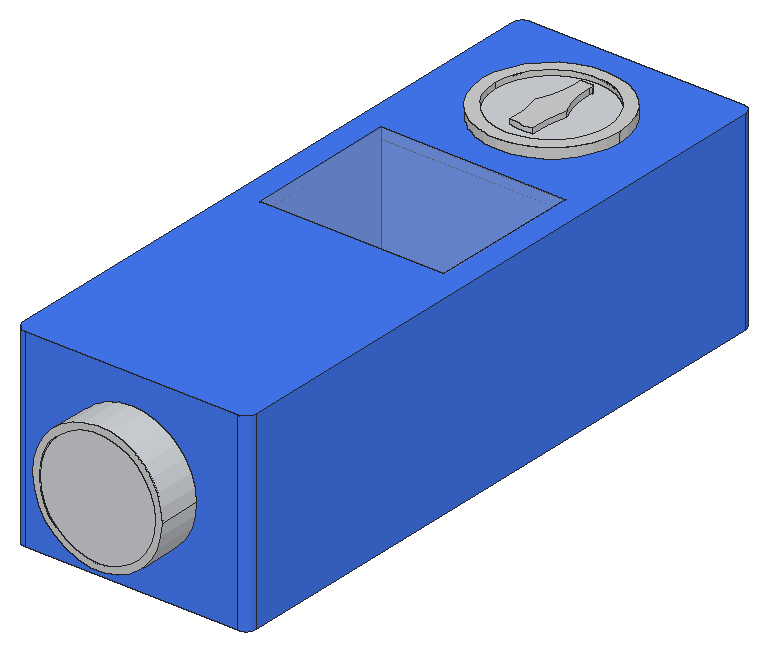
Revit family "Building-IEC309Connections-GEWISS-66IB-INTERLOCKED-SOCKET-OUTLETS-HD_IP66_WITHOUT_BOTTOM_MOD", category Apparecchi elettrici, host Superficie, Revit 2019
Family settings
  Host = Superficie
  Mantenere orientamento annotazione = Sì
  Quota connettore circolare = Usa diametro
  Tipo di parte = Normale
  Taglio con vuoti quando caricato = Sì
  Condiviso = Sì
  Punto di calcolo locali = Sì
Parameters (values of type "GW66846 - I.SOCKET IP66 N.B.3P+E 32A 380V 3H M.D")
  volt = 0 V
  vetro = Default - Vetro
  presa = Grigio RAL - 7035
  n-poli = 1
  giallo = 0 mm
  dist_piano [instance] = 0 mm
  Working temperature = "-25 ÷ +40 °C"
  With back-mounting box = "No"
  Vista_2d_pianta [instance] = yes
  Version file RFA = "21.4"
  URL = "https://www.gewiss.com/ww/en"
  Typology = "Vertical"
  Type of use = "Heavy duty"
  Thermo-pressure with ball = "80 °C"
  Technical sheet = "https://www.gewiss.com/ww/en/search?q=GW66846"
  Struttura = Grigio RAL - 7035
  Simbolo presa = PRESAINDSTAGNA : 3P
  Simbolo [instance] = no
  Simb_circuito [instance] = not(Simbolo)  # yes
  Shock resistance = "> IK10"
  SEO = "Socket outlet"
  Reference h = "3"
  Realized by GEWISS S.p.A. = ""
  Rated voltage = "380-440V"
  Rated frequency (Hz) = "50/60 Hz"
  Rated current (In) = "32"
  Rated current (A) = "32"
  Protection = "Suitable for modular apps. (6M)"
  Default Elevation = 1219.2 mm
  Produttore = "GEWISS S.p.A."
  Operating temperature: = "-25 +40 °C"
  Number of poles = "3P+E"
  No. of poles = "3P+E"
  Modello = "GW66846"
  Impact resistance at -20 Â°C = "20J"
  Immagine tipo = O.jpg
  IP degree = "IP66"
  IDT = "b1e88bf2-d9e0-4d22-9355-672d9a796eac"
  IDF = "b704cc15-e102-4c45-bcfd-51753296ccfc"
  Glow wire test: = "850 °C"
  Glow Wire Test = "850 °C"
  Frequency = "50/60 Hz"
  Electrocod = "2222"
  EAN code = "8011564066885"
  Distanza x [instance] = 500 mm
  Distanza orizzontale simbolo [instance] = 0 mm
  Distanza effettiva x [instance] = 1500 mm - Distanza x  # 1000 mm
  Descrizione = "I.SOCKET IP66 N.B.3P+E 32A 380V 3H M.D"
  Corpo presa = Light Blue
  Cornice simbolo [instance] = yes
  Colour: = "Red"
  Colour = "Red"
  Catalogue Range = "66 IB"
  Catalogue = "BUILDING"
  COBie.Tagnumber = ""
  COBie.CreatedOn = ""
  COBie.CreatebBy = ""
  COBie.ComponentRegisterItemID = ""
  COBie.Component.TagNumber = ""
  COBie.Component.Space = ""
  COBie.Component.SerialNumber = ""
  COBie.Component.InstallationDate = ""
  COBie.Component.Description = ""
  COBie.Component.BarCode = ""
Types (23, lengths in mm): name | Technical sheet | Reference h | Rated voltage | Rated current (In) | Rated current (A) | Number of poles | No. of poles | Modello | IDT | EAN code | Descrizione | Colour: | Colour
  GW66824 - I.SOCKET IP66 N.B.2P+E 16A 110V 4H M.D | "https://www.gewiss.com/ww/en/search?q=GW66824" | "4" | "100-130V" | "16" | "16" | "2P+E" | "2P+E" | "GW66824" | "20eb77f8-4248-4d95-bfca-ce8d5e2aec28" | "8011564066410" | "I.SOCKET IP66 N.B.2P+E 16A 110V 4H M.D" | "Yellow" | "Yellow"
  GW66825 - I.SOCKET IP66 N.B.3P+E 16A 110V 4H M.D | "https://www.gewiss.com/ww/en/search?q=GW66825" | "4" | "100-130V" | "16" | "16" | "3P+E" | "3P+E" | "GW66825" | "fdccb483-7cbf-46be-b43b-3faa35533ec2" | "8011564066434" | "I.SOCKET IP66 N.B.3P+E 16A 110V 4H M.D" | "Yellow" | "Yellow"
  GW66826 - I.SOCKET IP66 N.B.3P+N+E 16A 110V 4H M.D | "https://www.gewiss.com/ww/en/search?q=GW66826" | "4" | "100-130V" | "16" | "16" | "3P+N+E" | "3P+N+E" | "GW66826" | "cb8df13d-37ee-4447-b8a8-08e51bfaeab0" | "8011564066458" | "I.SOCKET IP66 N.B.3P+N+E 16A 110V 4H M.D" | "Yellow" | "Yellow"
  GW66827 - I.SOCKET IP66 N.B.2P+E 16A 230V 6H M.D | "https://www.gewiss.com/ww/en/search?q=GW66827" | "6" | "200-250V" | "16" | "16" | "2P+E" | "2P+E" | "GW66827" | "72222080-08f8-4fb9-92b8-9283e735ff57" | "8011564066472" | "I.SOCKET IP66 N.B.2P+E 16A 230V 6H M.D" | "Blue" | "Blue"
  GW66828 - I.SOCKET IP66 N.B.3P+E 16A 230V 9H M.D | "https://www.gewiss.com/ww/en/search?q=GW66828" | "9" | "200-250V" | "16" | "16" | "3P+E" | "3P+E" | "GW66828" | "9f284fe5-75e3-413e-9d18-4e767b556c35" | "8011564066496" | "I.SOCKET IP66 N.B.3P+E 16A 230V 9H M.D" | "Blue" | "Blue"
  GW66829 - I.SOCKET IP66 N.B.3P+N+E 16A 230V 9H M.D | "https://www.gewiss.com/ww/en/search?q=GW66829" | "9" | "200-250V" | "16" | "16" | "3P+N+E" | "3P+N+E" | "GW66829" | "ab790618-aa41-466b-82ab-d52cd2c313e7" | "8011564066502" | "I.SOCKET IP66 N.B.3P+N+E 16A 230V 9H M.D" | "Blue" | "Blue"
  GW66830 - I.SOCKET IP66 N.B.2P+E 16A 400V 9H M.D | "https://www.gewiss.com/ww/en/search?q=GW66830" | "9" | "380-415V" | "16" | "16" | "2P+E" | "2P+E" | "GW66830" | "ffdd874b-c321-416d-ac59-ed100a0414d9" | "8011564066526" | "I.SOCKET IP66 N.B.2P+E 16A 400V 9H M.D" | "Red" | "Red"
  GW66831 - I.SOCKET IP66 N.B.3P+E 16A 400V 6H M.D | "https://www.gewiss.com/ww/en/search?q=GW66831" | "6" | "380-415V" | "16" | "16" | "3P+E" | "3P+E" | "GW66831" | "297c411b-a0f8-477d-bb74-8b6eb825cdf6" | "8011564066540" | "I.SOCKET IP66 N.B.3P+E 16A 400V 6H M.D" | "Red" | "Red"
  GW66832 - I.SOCKET IP66 N.B.3P+N+E 16A 400V 6H M.D | "https://www.gewiss.com/ww/en/search?q=GW66832" | "6" | "380-415V" | "16" | "16" | "3P+N+E" | "3P+N+E" | "GW66832" | "8cd1f61f-eff6-4ed5-bc8b-e5c870e0e18c" | "8011564066564" | "I.SOCKET IP66 N.B.3P+N+E 16A 400V 6H M.D" | "Red" | "Red"
  GW66833 - I.SOCKET IP66 N.B.3P+E 16A 500V 7H M.D | "https://www.gewiss.com/ww/en/search?q=GW66833" | "7" | "480-500V" | "16" | "16" | "3P+E" | "3P+E" | "GW66833" | "333981c8-1801-4dc1-894e-bfc7a2cd9881" | "8011564066571" | "I.SOCKET IP66 N.B.3P+E 16A 500V 7H M.D" | "Black" | "Black"
  GW66834 - I.SOCKET IP66 N.B.3P+N+E 16A 500V 7H M.D | "https://www.gewiss.com/ww/en/search?q=GW66834" | "7" | "480-500V" | "16" | "16" | "3P+N+E" | "3P+N+E" | "GW66834" | "b7952236-fd9c-4338-ac82-6266ef3ce7df" | "8011564066595" | "I.SOCKET IP66 N.B.3P+N+E 16A 500V 7H M.D" | "Black" | "Black"
  GW66835 - I.SOCKET IP66 N.B.2P+E 32A 110V 4H M.D | "https://www.gewiss.com/ww/en/search?q=GW66835" | "4" | "100-130V" | "32" | "32" | "2P+E" | "2P+E" | "GW66835" | "c34e1178-b522-421a-ac53-01442ce4dc95" | "8011564066656" | "I.SOCKET IP66 N.B.2P+E 32A 110V 4H M.D" | "Yellow" | "Yellow"
  GW66836 - I.SOCKET IP66 N.B.3P+E 32A 110V 4H M.D | "https://www.gewiss.com/ww/en/search?q=GW66836" | "4" | "100-130V" | "32" | "32" | "3P+E" | "3P+E" | "GW66836" | "2dd5c171-f2e1-4879-a587-9eacbb751f92" | "8011564066670" | "I.SOCKET IP66 N.B.3P+E 32A 110V 4H M.D" | "Yellow" | "Yellow"
  GW66837 - I.SOCKET IP66 N.B.3P+N+E 32A 110V 4H M.D | "https://www.gewiss.com/ww/en/search?q=GW66837" | "4" | "100-130V" | "32" | "32" | "3P+N+E" | "3P+N+E" | "GW66837" | "1cdf97b4-150b-46a1-aaf7-5864b9942503" | "8011564066694" | "I.SOCKET IP66 N.B.3P+N+E 32A 110V 4H M.D" | "Yellow" | "Yellow"
  GW66838 - I.SOCKET IP66 N.B.2P+E 32A 230V 6H M.D | "https://www.gewiss.com/ww/en/search?q=GW66838" | "6" | "200-250V" | "32" | "32" | "2P+E" | "2P+E" | "GW66838" | "4d3275da-9033-4b12-b678-f7a6df63da63" | "8011564066700" | "I.SOCKET IP66 N.B.2P+E 32A 230V 6H M.D" | "Blue" | "Blue"
  GW66839 - I.SOCKET IP66 N.B.3P+E 32A 230V 9H M.D | "https://www.gewiss.com/ww/en/search?q=GW66839" | "9" | "200-250V" | "32" | "32" | "3P+E" | "3P+E" | "GW66839" | "3f230389-3816-45c9-b8c6-ab6263b4c8d7" | "8011564066724" | "I.SOCKET IP66 N.B.3P+E 32A 230V 9H M.D" | "Blue" | "Blue"
  GW66840 - I.SOCKET IP66 N.B.3P+N+E 32A 230V 9H M.D | "https://www.gewiss.com/ww/en/search?q=GW66840" | "9" | "200-250V" | "32" | "32" | "3P+N+E" | "3P+N+E" | "GW66840" | "25dd4e21-96b4-46e2-b418-539e53d79e61" | "8011564066748" | "I.SOCKET IP66 N.B.3P+N+E 32A 230V 9H M.D" | "Blue" | "Blue"
  GW66841 - I.SOCKET IP66 N.B.2P+E 32A 400V 9H M.D | "https://www.gewiss.com/ww/en/search?q=GW66841" | "9" | "380-415V" | "32" | "32" | "2P+E" | "2P+E" | "GW66841" | "65129d75-b882-47fb-bd91-e6338b089d86" | "8011564066762" | "I.SOCKET IP66 N.B.2P+E 32A 400V 9H M.D" | "Red" | "Red"
  GW66842 - I.SOCKET IP66 N.B.3P+E 32A 400V 6H M.D | "https://www.gewiss.com/ww/en/search?q=GW66842" | "6" | "380-415V" | "32" | "32" | "3P+E" | "3P+E" | "GW66842" | "656fe202-0bcb-48c9-91aa-ca1df711ee68" | "8011564066786" | "I.SOCKET IP66 N.B.3P+E 32A 400V 6H M.D" | "Red" | "Red"
  GW66843 - I.SOCKET IP66 N.B.3P+N+E 32A 400V 6H M.D | "https://www.gewiss.com/ww/en/search?q=GW66843" | "6" | "380-415V" | "32" | "32" | "3P+N+E" | "3P+N+E" | "GW66843" | "3630bda8-c9f8-4124-839e-0e6eeb4ffbda" | "8011564066809" | "I.SOCKET IP66 N.B.3P+N+E 32A 400V 6H M.D" | "Red" | "Red"
  GW66844 - I.SOCKET IP66 N.B.3P+E 32A 500V 7H M.D | "https://www.gewiss.com/ww/en/search?q=GW66844" | "7" | "480-500V" | "32" | "32" | "3P+E" | "3P+E" | "GW66844" | "908b8bd6-132c-4e13-ac90-51004f1b28bd" | "8011564066847" | "I.SOCKET IP66 N.B.3P+E 32A 500V 7H M.D" | "Black" | "Black"
  GW66845 - I.SOCKET IP66 N.B.3P+N+E 32A 500V 7H M.D | "https://www.gewiss.com/ww/en/search?q=GW66845" | "7" | "480-500V" | "32" | "32" | "3P+N+E" | "3P+N+E" | "GW66845" | "737f2157-10a7-4dfc-bce8-34b86146e7e3" | "8011564066861" | "I.SOCKET IP66 N.B.3P+N+E 32A 500V 7H M.D" | "Black" | "Black"
  GW66846 - I.SOCKET IP66 N.B.3P+E 32A 380V 3H M.D | "https://www.gewiss.com/ww/en/search?q=GW66846" | "3" | "380-440V" | "32" | "32" | "3P+E" | "3P+E" | "GW66846" | "b1e88bf2-d9e0-4d22-9355-672d9a796eac" | "8011564066885" | "I.SOCKET IP66 N.B.3P+E 32A 380V 3H M.D" | "Red" | "Red"
Reference planes
  plane 1 "Centro (Fronte/Retro)": y = 0
  plane 2: z = 0
  plane 3 "Centro (Sinistra/Destra)": x = 0
  plane 4: z = -2
  plane 5: x = -500
  plane 6: x = -1500
  plane 7: x = -500
  plane 8: through (-170.762, -4572, -38.353) normal (-0.6157, 0, 0.788)
  plane 9: x = -51.152
  plane 10: x = 53.222
  plane 11: z = -2
  plane 12: x = -74
  plane 13: x = 74
  plane 14: y = 392
  plane 15: y = -2
Forms (mm)
  Extrusion 1, solid, detail levels coarse
    sketch origin (0, 0, 0) x (1, 0, 0) y (0, 1, 0)
      loop
        line (-74, 392) -> (-74, -2) -> (74, -2) -> (74, 392) -> (-74, 392)
    from 0 to 123
Lines and regions (mm)
  Masking region 1, visible <- "Vista_2d_pianta"
    outline origin (0, 0, 0) x (1, 0, 0) y (0, 0, 1)
  Masking region 2, visible <- "Vista_2d_pianta"
    outline origin (0, 0, 0) x (1, 0, 0) y (0, 0, 1)
      loop
        line (-74, 0) -> (74, 0) -> (74, 123) -> (-74, 123) -> (-74, 0)
Dimensions and locks
  locked: plane 2 to plane 4 at 2
  "Distanza effettiva x": plane 5 to plane 6
  plane 3 "Centro (Sinistra/Destra)" to plane 6 = 1500 mm
  "Distanza effettiva x": plane 6 to plane 7
  locked: plane 15 to plane 1 "Centro (Fronte/Retro)" at 2
  locked: plane 12 to nested 1 at 2
  locked: nested 1 to plane 13 at 2
  locked: plane 14 to nested 1 at 2
  "dist_piano": plane 11 to plane 4
  plane 6 to plane 3 "Centro (Sinistra/Destra)" = 1500 mm
  angle plane 8 to plane 4 = 142.00°
  angle plane 7 to plane 8 = 128.00°
  aligned and locked: plane 2 to host face
  aligned and locked: level to host face
  aligned and locked: plane 3 "Centro (Sinistra/Destra)" to nested 1
  aligned and locked: plane 7 to nested 2
  aligned and locked: plane 7 to nested 3
  aligned and locked: Masking region 2 to plane 12
  aligned and locked: plane 13 to Masking region 2
  aligned and locked: Masking region 2 to level
  aligned and locked: nested 1 to plane 11
  aligned and locked: Masking region 2 to nested 1
  aligned and locked: Extrusion 1 sketch curve to plane 12
  aligned and locked: Extrusion 1 sketch curve to plane 14
  aligned and locked: Extrusion 1 sketch curve to plane 13
  aligned and locked: Extrusion 1 sketch curve to plane 15
  aligned and locked: Extrusion 1 to nested 1
  aligned and locked: Extrusion 1 to level
Automatic sketch dimensions
  host sketch curve to host sketch curve = 2438.4 mm  (x2)
  Masking region 2 sketch curve to plane 10 = 20.778 mm
  plane 9 to Masking region 2 sketch curve = 22.848 mm
  level to Masking region 2 sketch curve = 0 mm
  Masking region 2 sketch curve to Masking region 2 sketch curve = 123 mm
Nested families
  nested 1: "GW66824_no fondo_master" at (0, 0, -77), type "GW66824_no fondo_master", detail levels medium+fine
  nested 2: "simbolo_circuito" at (-500, 30.442, 0), Distanza dal muro <- "Distanza orizzontale simbolo", SIMBOLO ACCESO <- "Simb_circuito", type "3P"
    with SIMBOLO ACCESO yes, Distanza dal muro 0 mm, BORDO ACCESO yes
  nested 3: "PRESAINDSTAGNA" at (-500, 23.722, 0), Distanza dal muro <- "Distanza orizzontale simbolo", SIMBOLO ACCESO <- "Simbolo", type "3P"
    with SIMBOLO ACCESO no, Distanza dal muro 0 mm, BORDO ACCESO yes
Connectors
  electrical at (0, 195.052, -2), driven by "n-poli", driven by "volt"
    settings: on nested 1, index 1, voltage 0 V, apparent load 0 VA, apparent load phase1 0 VA, apparent load phase2 0 VA, apparent load phase3 0 VA, power factor 1, load classification "Altro", number of poles 1, system type 31, power factor state 1, is connector primary yes, connector utility no, sub classification motor no, connector description ""
Definition of nested family "GW66824_no fondo_master"
  Parameters (values of type "GW66824_no fondo_master")
    w = 144 mm
    sp_interbloccata = 119 mm
    d_piano = 75 mm
    corpo presa = none
    Vetro = none
    Struttura = none
    Spessore = 30 mm
    Raggio = 40 mm
    Default Elevation = 14 mm
    Presa = none
    Lunghezza = 103 mm
    IFC.TypeObject = ""
    IFC.ExportType = ""
    IFC.ExportAs = ""
    H_da terra = 586.883 mm
    COBie.CreatedOn = ""
    COBie.CreatebBy = ""
    COBie.ComponentRegisterItemID = ""
    COBie.Component.TagNumber = ""
    COBie.Component.Space = ""
    COBie.Component.SerialNumber = ""
    COBie.Component.InstallationDate = ""
    COBie.Component.Description = ""
    COBie.Component.BarCode = ""
    Altezza = 390 mm
  Reference planes
    plane 1 "Centro (Fronte/Retro)": y = 0
    plane 2: z = 0
    plane 3 "Centro (Sinistra/Destra)": x = 0
    plane 4 "presa": z = 210
    plane 5: z = 200
    plane 6: z = 194
    plane 7: x = -72
    plane 8: x = 72
    plane 9: y = 390
    plane 10: y = 0
    plane 11: y = 324
    plane 12: z = 197
    plane 13: y = 217
    plane 14: x = -57
    plane 15: x = 57
    plane 16: y = 264
    plane 17: y = 170
    plane 18: z = 84.858
    plane 19: z = 187.562
    plane 20: z = 75
    plane 21: z = 136.21
    plane 22 "presa fronte": y = -26
  Forms (mm)
    Extrusion 1, solid, material <- "Struttura"
      sketch origin (0, -427.104, -30) x (1, 0, 0) y (0, 1, 0)
        loop
          circle (0, 751.104) r 34.75
        loop
          circle (0, 751.104) r 42.079
      from 224 to 230
    Extrusion 2, solid, material <- "Struttura"
      sketch origin (0, -427.104, -30) x (1, 0, 0) y (0, 1, 0)
        loop
          arc (-9.552, 750.899) -> (-7.429, 739.645) -> (-7.314, 728.193) r 64.983
          arc (-7.314, 728.193) -> (-0.131, 727.067) -> (7.064, 728.115) r 24.316
          arc (7.064, 728.115) -> (7.302, 739.566) -> (9.547, 750.796) r 64.983
          arc (9.547, 750.796) -> (5.519, 762.425) -> (4.215, 774.661) r 54.251
          line (4.215, 774.661) -> (4.25, 777.658)
          arc (4.25, 777.658) -> (3.985, 778.329) -> (3.336, 778.647) r 1
          arc (3.336, 778.647) -> (0.147, 778.794) -> (-3.043, 778.682) r 39.364
          arc (-3.043, 778.682) -> (-3.695, 778.371) -> (-3.967, 777.702) r 1
          line (-3.967, 777.702) -> (-3.964, 774.706)
          arc (-3.964, 774.706) -> (-5.4, 762.483) -> (-9.552, 750.899) r 54.251
      from 224 to 230
    Extrusion 3, solid, material <- "corpo presa"
      sketch origin (-2.5, -699.604, -30) x (1, 0, 0) y (0, 1, 0)
        loop
          arc (74.5, 1083.298) -> (72.653, 1087.757) -> (68.194, 1089.604) r 6.306
          line (68.194, 1089.604) -> (-63.194, 1089.604)
          arc (-63.194, 1089.604) -> (-67.653, 1087.757) -> (-69.5, 1083.298) r 6.306
          line (-69.5, 1083.298) -> (-69.5, 706.118)
          arc (-69.5, 706.118) -> (-67.592, 701.512) -> (-62.985, 699.604) r 6.515
          line (-62.985, 699.604) -> (67.985, 699.604)
          arc (67.985, 699.604) -> (72.592, 701.512) -> (74.5, 706.118) r 6.515
          line (74.5, 706.118) -> (74.5, 1083.298)
      from 105 to 224
    Extrusion 4, solid
      sketch origin (0, 0, 210) x (0, -1, 0) y (1, 0, 0)
        loop
          circle (-324, 0) r 34.75
      from -16 to -13
    Extrusion 5, void
      sketch origin (0, 0, 210) x (0, -1, 0) y (1, 0, 0)
        loop
          line (-170, -57) -> (-170, 57) -> (-264, 57) -> (-264, -57) -> (-170, -57)
      from -125.142 to -16
    Extrusion 6, solid, material <- "Vetro"
      sketch origin (0, 0, 210) x (0, -1, 0) y (1, 0, 0)
        loop
          line (-170, -57) -> (-170, 57) -> (-264, 57) -> (-264, -57) -> (-170, -57)
      from -22.438 to -16
    Extrusion 7, solid, material <- "Presa"
      sketch origin (0, 0, 0) x (1, 0, 0) y (0, 0, 1)
        loop
          circle (0, 136.21) r 40
        loop
          circle (0, 136.21) r 36
      from 0 to 26
    Extrusion 8, solid
      sketch origin (0, 0, 0) x (1, 0, 0) y (0, 0, 1)
        loop
          circle (0, 136.21) r 40
      from 0 to 26
  Cuts and joins
    Extrusion 5 cuts Extrusion 3
  Lines and regions (mm)
    symbolic lines
      curve 1: line (0, -26, 178.929) -> (0, -26, 99.929)
      curve 2: line (50, -26, 136.21) -> (-50, -26, 136.21)
  Dimensions and locks
    locked: plane 5 to plane 4 "presa" at 10
    locked: plane 6 to plane 5 at 6
    equal spacing: plane 7, plane 3 "Centro (Sinistra/Destra)", plane 8
    "w": plane 7 to plane 8
    "Altezza": plane 1 "Centro (Fronte/Retro)" to plane 9
    locked: plane 9 to plane 11 at 66
    locked: plane 12 to plane 6 at 3
    locked: plane 9 to plane 13 at 173
    equal spacing: plane 14, plane 3 "Centro (Sinistra/Destra)", plane 15
    plane 14 to plane 15 = 114 mm
    equal spacing: plane 16, plane 13, plane 17
    locked: plane 16 to plane 17 at 94
    locked: plane 6 to plane 19 at 6.438
    "sp_interbloccata": plane 6 to plane 20
    "d_piano": plane 20 to level
    locked: plane 18 to plane 20 at 9.858
    locked: plane 22 "presa fronte" to plane 10 at 26
    equal spacing: plane 18, plane 21, plane 19
    diameter of Extrusion 1 sketch curve = 69.5 mm
    radius of Extrusion 4 sketch curve = 34.75 mm
    aligned and locked: level to plane 2
    aligned and locked: Extrusion 1 to Extrusion 3
    aligned and locked: Extrusion 2 to Extrusion 1
    aligned and locked: Extrusion 1 to Extrusion 2
    aligned and locked: Extrusion 3 to plane 6
    aligned and locked: Extrusion 1 to plane 5
    aligned and locked: Extrusion 3 sketch curve to plane 7
    aligned and locked: Extrusion 3 sketch curve to plane 8
    aligned and locked: Extrusion 3 sketch curve to plane 9
    aligned and locked: plane 10 to Extrusion 3 sketch curve
    aligned and locked: plane 10 to plane 1 "Centro (Fronte/Retro)"
    aligned and locked: plane 11 to Extrusion 1 sketch curve
    aligned and locked: plane 3 "Centro (Sinistra/Destra)" to Extrusion 1 sketch curve
    aligned and locked: plane 3 "Centro (Sinistra/Destra)" to Extrusion 4 sketch curve
    aligned and locked: plane 11 to Extrusion 4 sketch curve
    aligned and locked: plane 6 to Extrusion 4
    aligned and locked: plane 12 to Extrusion 4
    aligned and locked: Extrusion 5 sketch curve to plane 14
    aligned and locked: Extrusion 5 sketch curve to plane 17
    aligned and locked: Extrusion 5 sketch curve to plane 15
    aligned and locked: Extrusion 5 sketch curve to plane 16
    aligned and locked: Extrusion 5 to plane 18
    aligned and locked: Extrusion 5 to plane 6
    aligned and locked: Extrusion 6 sketch curve to plane 14
    aligned and locked: Extrusion 6 sketch curve to plane 17
    aligned and locked: Extrusion 6 sketch curve to plane 16
    aligned and locked: Extrusion 6 sketch curve to plane 15
    aligned and locked: Extrusion 6 to plane 19
    aligned and locked: Extrusion 6 to plane 6
    aligned and locked: plane 20 to cut or joined group of Extrusion 3, Extrusion 5
    aligned and locked: plane 3 "Centro (Sinistra/Destra)" to Extrusion 7 sketch curve
    aligned and locked: plane 21 to Extrusion 7 sketch curve
    aligned and locked: Extrusion 7 to plane 22 "presa fronte"
    aligned and locked: plane 3 "Centro (Sinistra/Destra)" to Extrusion 8 sketch curve
    aligned and locked: plane 21 to Extrusion 8 sketch curve
    aligned and locked: Extrusion 8 to plane 1 "Centro (Fronte/Retro)"
    aligned and locked: Extrusion 8 to plane 22 "presa fronte"
    aligned and locked: plane 3 "Centro (Sinistra/Destra)" to curve 1
    aligned and locked: curve 2 to plane 21
  Automatic sketch dimensions
    Extrusion 2 sketch curve to plane 3 "Centro (Sinistra/Destra)" = 0 mm
    Extrusion 2 sketch curve to plane 3 "Centro (Sinistra/Destra)" = 0.064 mm
    Extrusion 2 sketch curve to plane 3 "Centro (Sinistra/Destra)" = 2.967 mm
    Extrusion 2 sketch curve to Extrusion 2 sketch curve = 0.997 mm
    Extrusion 2 sketch curve to Extrusion 2 sketch curve = 1 mm  (x2)
    Extrusion 2 sketch curve to Extrusion 2 sketch curve = 54.251 mm
    Extrusion 2 sketch curve to Extrusion 2 sketch curve = 13.883 mm
    plane 3 "Centro (Sinistra/Destra)" to Extrusion 2 sketch curve = 3.25 mm
    Extrusion 2 sketch curve to Extrusion 2 sketch curve = 0.965 mm
    Extrusion 2 sketch curve to Extrusion 2 sketch curve = 54.25 mm
    Extrusion 2 sketch curve to Extrusion 2 sketch curve = 13.435 mm
    Extrusion 2 sketch curve to plane 1 "Centro (Fronte/Retro)" = 305.393 mm
    Extrusion 2 sketch curve to plane 1 "Centro (Fronte/Retro)" = 306.167 mm
    Extrusion 2 sketch curve to plane 1 "Centro (Fronte/Retro)" = 312.327 mm
    Extrusion 2 sketch curve to Extrusion 2 sketch curve = 11.953 mm
    Extrusion 2 sketch curve to Extrusion 2 sketch curve = 41.757 mm
    Extrusion 2 sketch curve to Extrusion 2 sketch curve = 23.278 mm
    Extrusion 2 sketch curve to Extrusion 2 sketch curve = 0.044 mm
    Extrusion 2 sketch curve to Extrusion 2 sketch curve = 41.61 mm
    Extrusion 2 sketch curve to Extrusion 2 sketch curve = 2.99 mm
    Extrusion 2 sketch curve to Extrusion 2 sketch curve = 0.007 mm
    Extrusion 2 sketch curve to Extrusion 2 sketch curve = 2.979 mm
    Extrusion 2 sketch curve to Extrusion 2 sketch curve = 0.018 mm
    Extrusion 2 sketch curve to Extrusion 2 sketch curve = 0 mm
    Extrusion 2 sketch curve to plane 3 "Centro (Sinistra/Destra)" = 7.314 mm
    Extrusion 2 sketch curve to Extrusion 2 sketch curve = 9.552 mm
    plane 3 "Centro (Sinistra/Destra)" to Extrusion 2 sketch curve = 7.064 mm
    Extrusion 3 sketch curve to Extrusion 3 sketch curve = 6.306 mm  (x2)
    Extrusion 3 sketch curve to Extrusion 3 sketch curve = 6.515 mm  (x2)
    Extrusion 1 sketch curve to Extrusion 1 sketch curve = 0 mm  (x2)
    Extrusion 7 sketch curve to Extrusion 7 sketch curve = 0 mm  (x2)
    plane 18 to curve 1 = 15.071 mm
    curve 1 to plane 19 = 8.633 mm
    curve 2 to plane 14 = 7 mm
    plane 15 to curve 2 = 7 mm
    radius of Extrusion 1 sketch curve = 42.079 mm
    radius of Extrusion 7 sketch curve = 40 mm
    radius of Extrusion 7 sketch curve = 36 mm
    radius of Extrusion 8 sketch curve = 40 mm
Definition of nested family "simbolo_circuito"
  Parameters (values of type "3P")
    SIMBOLO ACCESO [instance] = yes
    SIMBOLO = PRESAINDSTAGNA_BASE : 3P
    Distanza dal muro [instance] = 0 mm
    BORDO ACCESO [instance] = yes
  Reference planes
    plane 1: y = 0
    plane 2: x = 0
  Dimensions and locks
    "Distanza dal muro": plane 1 to nested 1
    aligned and locked: plane 2 to nested 1
  Nested families
    nested 1: "simb_base_di circuito" at (0, 0, 0), visible <- "SIMBOLO ACCESO", type "3P"
      with CORNICE SIMBOLO yes
  Definition of nested family "simb_base_di circuito"
    Parameters (values of type "3P")
      CORNICE SIMBOLO [instance] = yes
      3P = yes
    Types (2, lengths in mm): name | 3P
      3P | yes
      2P | no
    Reference planes
      plane 1: y = 0
      plane 2: x = 0
    Lines and regions (mm)
      detail lines, not visible
        curve 1: line (-2.443, 10.208, 0) -> (2.057, 10.208, 0)
        curve 2: line (2.057, 10.208, 0) -> (2.057, 4.208, 0)
        curve 3: line (2.057, 4.208, 0) -> (-2.443, 4.208, 0)
        curve 4: line (-2.443, 4.208, 0) -> (-2.443, 10.208, 0)
        curve 5: line (-2.043, 9.808, 0) -> (1.657, 9.808, 0)
        curve 6: line (1.657, 9.808, 0) -> (1.657, 4.608, 0)
        curve 7: line (1.657, 4.608, 0) -> (-2.043, 4.608, 0)
        curve 8: line (-2.043, 4.608, 0) -> (-2.043, 9.808, 0)
    Dimensions and locks
      aligned and locked: import instance to plane 2
      aligned and locked: plane 1 to import instance
Definition of nested family "PRESAINDSTAGNA"
  Parameters (values of type "3P")
    SIMBOLO ACCESO [instance] = yes
    SIMBOLO = PRESAINDSTAGNA_BASE : 3P
    Distanza dal muro [instance] = 0 mm
    BORDO ACCESO [instance] = yes
  Types (2): name
    2P
    3P
  Reference planes
    plane 1: y = 0
    plane 2: x = 0
  Dimensions and locks
    "Distanza dal muro": plane 1 to nested 1
    aligned and locked: plane 2 to nested 1
  Nested families
    nested 1: "PRESAINDSTAGNA_BASE" at (0, 0, 0), type <- "SIMBOLO", CORNICE SIMBOLO <- "BORDO ACCESO", visible <- "SIMBOLO ACCESO", type "3P"
  Definition of nested family "PRESAINDSTAGNA_BASE"
    Parameters (values of type "3P")
      CORNICE SIMBOLO [instance] = yes
      3P = yes
    Types (2, lengths in mm): name | 3P
      3P | yes
      2P | no
    Reference planes
      plane 1: y = 0
      plane 2: x = 0
    Lines and regions (mm)
      detail lines, not visible
        curve 1: line (-2.443, 10.208, 0) -> (2.057, 10.208, 0)
        curve 2: line (2.057, 10.208, 0) -> (2.057, 4.208, 0)
        curve 3: line (2.057, 4.208, 0) -> (-2.443, 4.208, 0)
        curve 4: line (-2.443, 4.208, 0) -> (-2.443, 10.208, 0)
        curve 5: line (-2.043, 9.808, 0) -> (1.657, 9.808, 0)
        curve 6: line (1.657, 9.808, 0) -> (1.657, 4.608, 0)
        curve 7: line (1.657, 4.608, 0) -> (-2.043, 4.608, 0)
        curve 8: line (-2.043, 4.608, 0) -> (-2.043, 9.808, 0)
      detail lines
        curve 9: line (-0.333, 0.928, 0) -> (-0.05, 0.928, 0)
        curve 10: line (-0.05, 0.928, 0) -> (0.417, 1.737, 0)
        curve 11: line (0.417, 1.737, 0) -> (0.764, 1.537, 0)
        curve 12: line (-0.05, 0.928, 0) -> (-0.333, 0.437, 0)
        curve 13: line (-0.333, 0.437, 0) -> (-0.333, 2.059, 0)
        curve 14: line (0.222, 1.399, 0) -> (0.569, 1.199, 0)
        curve 15: line (-0.723, 0.437, 0) -> (0.057, 0.437, 0)
        curve 16: line (-0.333, 0.81, 0) -> (-0.216, 0.928, 0)
        curve 17: line (-0.333, 0.741, 0) -> (-0.147, 0.928, 0)
        curve 18: line (-0.333, 0.672, 0) -> (-0.078, 0.928, 0)
        curve 19: line (-0.333, 0.603, 0) -> (-0.106, 0.831, 0)
        curve 20: line (-0.333, 0.534, 0) -> (-0.2, 0.668, 0)
        curve 22: arc (-0.723, 0.047, 0) -> (-0.333, 0.437, 0) -> (0.057, 0.047, 0) r 0.39
        curve 23: line (-0.8, 2.1, 0) -> (0.8, 2.1, 0)
        curve 24: line (-0.8, 0, 0) -> (-0.8, 2.1, 0)
        curve 25: line (0.8, 0, 0) -> (-0.8, 0, 0)
        curve 26: line (0.8, 2.1, 0) -> (0.8, 0, 0)
      detail lines, visible <- "3P"
        curve 21: line (0.028, 1.061, 0) -> (0.374, 0.861, 0)
